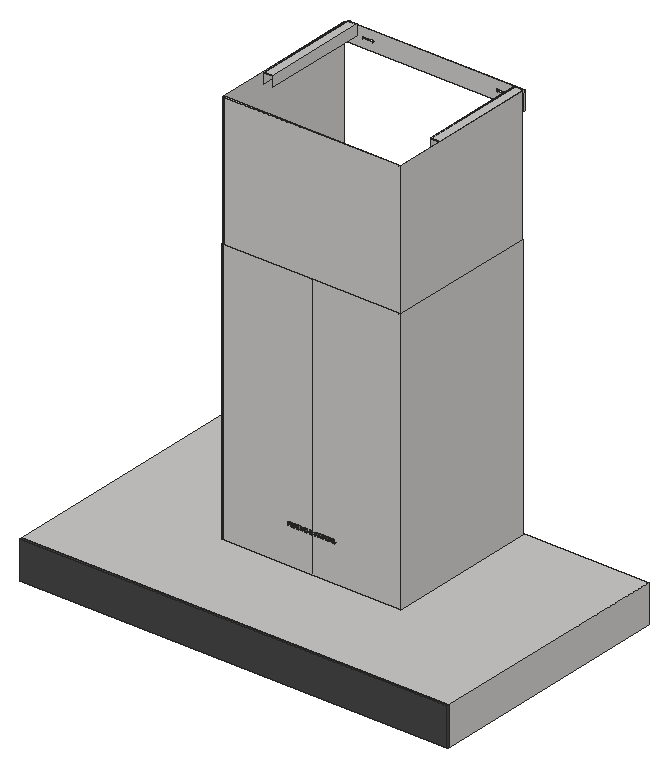
Revit family "FP_Revit_18_HC90BCX1_Rangehood_90001897A", category Specialty Equipment, Revit 2018
Family settings
  Round Connector Dimension = Use Diameter
  Part Type = Normal
  OmniClass Number = 23.40.40.00
  OmniClass Title = Food Service Equipment and Furnishings
  Work Plane-Based = No
  Always vertical = Yes
  Cut with Voids When Loaded = Yes
  Shared = No
  Room Calculation Point = No
Parameters
  Visibility - Upper Chimney Extension [instance] = yes
  URL = "www.fisherpaykel.com"
  Product - Width = 895 mm  # constant formula
  Product - Height (635mm - 935mm) [instance] = 912 mm
  Product - Depth = 531 mm  # constant formula
  Model = "HC90BCX1"
  Material - Glass = Fisher & Paykel - Black
  Material - Body = Fisher & Paykel - Stainless Steel
  Manufacturer = "Fisher & Paykel Appliances"
  FFL Offset [instance] = 1550 mm
  Description = "90cm Rangehood"
  Connector Description - Extraction = "180mm Semi Rigid Rangehood Ducting, 650Pa"
  Connector Description - Electrical = "220 V, 50 Hz,  222 W"
  Chassis - Width = 375 mm  # constant formula
  Chassis - Height = 635 mm  # constant formula
  Chassis - Depth = 327 mm  # constant formula
Reference planes
  plane 1 "Datum": y = 0
  plane 2: z = 0
  plane 3 "Center (Left/Right)": x = 0
  plane 4 "Product LHS": x = -447.5
  plane 5 "Product RHS": x = 447.5
  plane 6 "Cavity LHS": x = -187.5
  plane 7 "Cavity RHS": x = 187.5
  plane 8 "Chassis - Depth": y = -327
  plane 9 "FFL Offset": z = 1550
  plane 10 "Product - Height": z = 2462
  plane 11 "Product - Depth": y = -531
  plane 12 "Angle": through (4267.2, -188.091, 1657.974) normal (0, 0.9962, -0.0872)
  plane 13 "Angle": through (4267.2, -188.091, 907.974) normal (0, 0.9962, -0.0872)
Forms (mm)
  Extrusion 1, solid, material "Fisher & Paykel - Stainless Steel" <- "Material - Body"
    sketch origin (0, 0, 0) x (1, 0, 0) y (0, 1, 0)
      loop
        line (-167.5, -8) -> (-187.5, -8) -> (-187.5, -327) -> (0, -327) -> (187.5, -327) -> (187.5, -8) -> (167.5, -8) -> (167.5, -9) -> (186.5, -9) -> (186.5, -326) -> (-186.5, -326) -> (-186.5, -9) -> (-167.5, -9) -> (-167.5, -8)
    from 1630 to 2185
  Extrusion 2, solid, material "Fisher & Paykel - Stainless Steel" <- "Material - Body", visible <- "Visibility - Upper Chimney Extension"
    sketch origin (0, 0, 0) x (1, 0, 0) y (0, 1, 0)
      loop
        line (-185.5, -9) -> (-186.5, -9) -> (-186.5, -326) -> (186.5, -326) -> (186.5, -9) -> (185.5, -9) -> (185.5, -325.044) -> (-185.5, -325.044) -> (-185.5, -9)
    from 2103 to 2462
  Extrusion 3, solid, material "Fisher & Paykel - Stainless Steel" <- "Material - Body"
    sketch origin (0, 0, 0) x (1, 0, 0) y (0, 1, 0)
      loop
        line (185.5, -9) -> (-185.5, -9) -> (-185.5, -325.044) -> (185.5, -325.044) -> (185.5, -9)
    from 1630 to 2159
  Extrusion 4, solid, material "Fisher & Paykel - Stainless Steel" <- "Material - Body"
    sketch origin (0, 0, 0) x (1, 0, 0) y (0, 1, 0)
      loop
        circle (-76.343, -132.264) r 89
      loop
        circle (-76.343, -132.264) r 90
    from 2159 to 2185
  Extrusion 5, solid, material "Fisher & Paykel - Stainless Steel" <- "Material - Body", detail levels fine
    sketch origin (0, 0, 0) x (1, 0, 0) y (0, 0, 1)
      loop
        line (-185.5, 2462) -> (-185.5, 2422) -> (185.5, 2422) -> (185.5, 2462) -> (-185.5, 2462)
      loop
        line (150.65, 2444.45) -> (130.75, 2444.45)
        arc (130.75, 2444.45) -> (128.3, 2442) -> (130.75, 2439.55) r 2.45
        line (130.75, 2439.55) -> (150.65, 2439.55)
        arc (150.65, 2439.55) -> (153.1, 2442) -> (150.65, 2444.45) r 2.45
      loop
        arc (-150.65, 2444.45) -> (-153.1, 2442) -> (-150.65, 2439.55) r 2.45
        line (-150.65, 2439.55) -> (-130.75, 2439.55)
        arc (-130.75, 2439.55) -> (-128.3, 2442) -> (-130.75, 2444.45) r 2.45
        line (-130.75, 2444.45) -> (-150.65, 2444.45)
    from 1 to 0
  Extrusion 6, solid, material "Fisher & Paykel - Stainless Steel" <- "Material - Body"
    sketch origin (0, 0, 0) x (1, 0, 0) y (0, 1, 0)
      loop
        circle (8.657, -222.264) r 3
    from 2159 to 2185
  Extrusion 7, void
    sketch origin (0, 0, 0) x (0, 1, 0) y (0, 0, 1)
      loop
        line (-348.926, 1603.465) -> (-467.5, 1558) -> (-20.5, 1558) -> (-38.279, 1576.287) -> (-348.926, 1603.465)
    from -413 to 413
  Extrusion 8, solid, material "Fisher & Paykel - Stainless Steel" <- "Material - Body"
    sketch origin (0, 0, 0) x (0, 1, 0) y (0, 0, 1)
      loop
        line (-3, 1550) -> (-3, 1630) -> (-527, 1630) -> (-527, 1550) -> (-3, 1550)
    from -447.5 to 447.5
  Extrusion 9, solid, material "Fisher & Paykel - Black" <- "Material - Glass", detail levels medium+fine
    sketch origin (0, 0, 550) x (0, 1, 0) y (0, 0, 1)
      loop
        line (-527, 1080) -> (-531, 1080) -> (-531, 1000) -> (-527, 1000) -> (-527, 1080)
    from -447.5 to 447.5
  Extrusion 10, solid, material "Fisher & Paykel - Stainless Steel" <- "Material - Body", detail levels fine
    sketch origin (0, 0, 550) x (0, 1, 0) y (0, 0, 1)
      loop
        line (-47.131, 1027.061) -> (-71.928, 1029.231) -> (-71.928, 1016.855) -> (-48.3, 977) -> (-5, 977) -> (-5, 1000) -> (-21.8, 1000) -> (-47.131, 1027.061)
    from -206 to 206
  Extrusion 11, solid, material "Fisher & Paykel - Stainless Steel" <- "Material - Body", detail levels fine
    sketch origin (0, 0, 0) x (1, 0, 0) y (0, 0, 1)
      loop
        line (185.5, 2462) -> (165.5, 2462) -> (165.5, 2441) -> (166.5, 2441) -> (166.5, 2461) -> (184.5, 2461) -> (184.5, 2441) -> (185.5, 2441) -> (185.5, 2462)
      loop
        line (-185.5, 2462) -> (-185.5, 2441) -> (-184.5, 2441) -> (-184.5, 2461) -> (-166.5, 2461) -> (-166.5, 2441) -> (-165.5, 2441) -> (-165.5, 2462) -> (-185.5, 2462)
    from 1 to 221
  Extrusion 12, void
    sketch origin (0, 0, 0) x (1, 0, 0) y (0, 1, 0)
      loop
        arc (-381.3, -20.5) -> (-402.513, -29.287) -> (-411.3, -50.5) r 30
        line (-411.3, -50.5) -> (-411.3, -437.5)
        arc (-411.3, -437.5) -> (-402.513, -458.713) -> (-381.3, -467.5) r 30
        line (-381.3, -467.5) -> (382.3, -467.5)
        arc (382.3, -467.5) -> (402.806, -459.006) -> (411.3, -438.5) r 29
        line (411.3, -438.5) -> (411.3, -50.5)
        arc (411.3, -50.5) -> (402.513, -29.287) -> (381.3, -20.5) r 30
        line (381.3, -20.5) -> (-381.3, -20.5)
    from 1550 to 1558
  Extrusion 13, void
    sketch origin (0, 0, 0) x (0, 1, 0) y (0, 0, 1)
      loop
        line (-316.067, 1600.59) -> (-67.749, 1578.865) -> (-188.091, 1657.974) -> (-316.067, 1600.59)
    from -172 to 172
  Extrusion 14, solid, material "Fisher & Paykel - Stainless Steel" <- "Material - Body", detail levels fine
    sketch origin (0, 0, -15) x (1, 0, 0) y (0, 0, 1)
      loop
        circle (400, 1608.777) r 9.985
      loop
        circle (400, 1608.777) r 4.003
      loop
        circle (-400, 1608.777) r 9.985
      loop
        circle (-400, 1608.777) r 4.003
    from 0 to 3
  Extrusion 15, solid, material "Fisher & Paykel - Stainless Steel" <- "Material - Body", detail levels fine
    sketch origin (0, 0, 0) x (1, 0, 0) y (0, 0, 1)
      loop
        circle (162.5, 2135) r 5.95
      loop
        circle (162.5, 2135) r 2.486
      loop
        circle (112, 2135) r 5.949
      loop
        circle (112, 2135) r 2.5
      loop
        circle (-162.5, 2135) r 5.95
      loop
        circle (-162.5, 2135) r 2.486
      loop
        circle (-112, 2135) r 5.949
      loop
        circle (-112, 2135) r 2.5
    from 0 to 3.8
  Extrusion 16, solid, material "Fisher & Paykel - Stainless Steel" <- "Material - Body", detail levels fine
    sketch origin (0, 0, 0) x (1, 0, 0) y (0, 0, 1)
      loop
        line (185, 2153.577) -> (-185, 2153.577) -> (-185, 2114.423) -> (185, 2114.423) -> (185, 2153.577)
    from 3.8 to 8
  Extrusion 17, solid, material "Fisher & Paykel - Bezel White", detail levels fine
    sketch origin (0, 0, 550) x (0, 1, 0) y (0, 0, 1)
      loop
        line (-366.242, 1046.826) -> (-420.416, 1026.054) -> (-420.058, 1025.12) -> (-365.884, 1045.892) -> (-366.242, 1046.826)
    from -110 to 110
  Extrusion 18, solid, material "Fisher & Paykel - Stainless Steel" <- "Material - Body", detail levels fine
    sketch origin (0, -282.861, 574.747) x (0, 0.087156, 0.996195) y (1, 0, 0)
      loop
        line (1087.364, -172) -> (1087.364, -114.674) -> (1019.045, -172) -> (1087.364, -172)
      loop
        line (1087.364, 172) -> (1019.045, 172) -> (1087.364, 114.674) -> (1087.364, 172)
    from -125 to 125
  Extrusion 19, solid, material "Fisher & Paykel - Black" <- "Material - Glass", not visible, detail levels medium+fine
    sketch origin (0, 0, -200) x (0, 1, 0) y (0, 0, 1)
      loop
        line (-527, 1080) -> (-531, 1080) -> (-531, 1000) -> (-527, 1000) -> (-527, 1080)
    from -447.5 to 447.5
  Extrusion 20, solid, material "Fisher & Paykel - Stainless Steel" <- "Material - Body", not visible, detail levels fine
    sketch origin (0, 0, -200) x (0, 1, 0) y (0, 0, 1)
      loop
        line (-47.131, 1027.061) -> (-71.928, 1029.231) -> (-71.928, 1016.855) -> (-48.3, 977) -> (-5, 977) -> (-5, 1000) -> (-21.8, 1000) -> (-47.131, 1027.061)
    from -206 to 206
  Extrusion 21, solid, material "Fisher & Paykel - Stainless Steel" <- "Material - Body", not visible, detail levels fine
    sketch origin (0, 0, -765) x (1, 0, 0) y (0, 0, 1)
      loop
        circle (400, 1608.777) r 9.985
      loop
        circle (400, 1608.777) r 4.003
      loop
        circle (-400, 1608.777) r 9.985
      loop
        circle (-400, 1608.777) r 4.003
    from 0 to 3
  Extrusion 22, solid, material "Fisher & Paykel - Bezel White", not visible, detail levels fine
    sketch origin (0, 0, -200) x (0, 1, 0) y (0, 0, 1)
      loop
        line (-366.242, 1046.826) -> (-420.416, 1026.054) -> (-420.058, 1025.12) -> (-365.884, 1045.892) -> (-366.242, 1046.826)
    from -110 to 110
  Extrusion 23, solid, material "Fisher & Paykel - Stainless Steel" <- "Material - Body", not visible, detail levels fine
    sketch origin (0, -282.861, -175.253) x (0, 0.087156, 0.996195) y (1, 0, 0)
      loop
        line (1087.364, -172) -> (1087.364, -114.674) -> (1019.045, -172) -> (1087.364, -172)
      loop
        line (1087.364, 172) -> (1019.045, 172) -> (1087.364, 114.674) -> (1087.364, 172)
    from -125 to 125
Cuts and joins
  Extrusion 7 cuts Extrusion 1
  Extrusion 7, Extrusion 13 cuts Extrusion 3
  Extrusion 7, Extrusion 12, Extrusion 13 cuts Extrusion 8
  joined: Extrusion 3, Extrusion 8
Text (mm)
  text "Due to ongoing product development, product details are subject to change without notice. \nPlease always refer to www.fisherpaykel.com for the most current product information. \n© Fisher & Paykel 2020" at (41.04, -1225.549, 0), in view "Ref. Level (Plan)"
Dimensions and locks
  equal spacing: plane 4 "Product LHS", plane 3 "Center (Left/Right)", plane 5 "Product RHS"
  equal spacing: plane 6 "Cavity LHS", plane 3 "Center (Left/Right)", plane 7 "Cavity RHS"
  locked: Extrusion 1 sketch curve to Extrusion 1 sketch curve at 1  (x3)
  locked: Extrusion 3 to plane 9 "FFL Offset" at 609
  "Product - Height (635mm - 935mm)": plane 10 "Product - Height" to plane 9 "FFL Offset"
  "FFL Offset": plane 9 "FFL Offset" to level
  "Chassis - Height": cut or joined group of Extrusion 1, Extrusion 7 to plane 9 "FFL Offset"
  "Product - Width": plane 4 "Product LHS" to plane 5 "Product RHS"
  "Chassis - Depth": plane 8 "Chassis - Depth" to plane 1 "Datum"
  "Chassis - Width": plane 6 "Cavity LHS" to plane 7 "Cavity RHS"
  equal spacing: Extrusion 12 sketch curve, plane 3 "Center (Left/Right)", Extrusion 12 sketch curve
  locked: Extrusion 12 sketch curve to Extrusion 12 sketch curve at 822.6
  equal spacing: cut or joined group of Extrusion 3, Extrusion 7, Extrusion 8, Extrusion 12, Extrusion 13, plane 3 "Center (Left/Right)", cut or joined group of Extrusion 3, Extrusion 7, Extrusion 8, Extrusion 12, Extrusion 13
  locked: cut or joined group of Extrusion 3, Extrusion 7, Extrusion 8, Extrusion 12, Extrusion 13 to cut or joined group of Extrusion 3, Extrusion 7, Extrusion 8, Extrusion 12, Extrusion 13 at 826
  "Product - Depth": plane 11 "Product - Depth" to plane 1 "Datum"
  locked: Extrusion 2 to plane 10 "Product - Height" at 359
  locked: cut or joined group of Extrusion 3, Extrusion 7, Extrusion 8, Extrusion 12, Extrusion 13 to plane 1 "Datum" at 3
  equal spacing: Extrusion 11 sketch curve, plane 3 "Center (Left/Right)", Extrusion 11 sketch curve
  locked: Extrusion 5 to plane 10 "Product - Height" at 40
  locked: Extrusion 5 sketch curve to plane 10 "Product - Height" at 20
  locked: plane 9 "FFL Offset" to Extrusion 14 at 43.777
  locked: Extrusion 11 to plane 10 "Product - Height" at 21
  locked: plane 9 "FFL Offset" to Extrusion 16 at 564.423
  locked: plane 9 "FFL Offset" to Extrusion 16 at 603.577
  locked: plane 9 "FFL Offset" to Extrusion 15 sketch curve at 585
  locked: Extrusion 7 sketch curve to plane 1 "Datum" at 20.5
  locked: Extrusion 7 sketch curve to plane 1 "Datum" at 38.279
  locked: Extrusion 7 sketch curve to plane 1 "Datum" at 348.926
  locked: Extrusion 7 sketch curve to plane 1 "Datum" at 467.5
  locked: Extrusion 7 sketch curve to plane 9 "FFL Offset" at 8  (x2)
  locked: Extrusion 7 sketch curve to plane 9 "FFL Offset" at 53.465
  locked: Extrusion 7 sketch curve to plane 9 "FFL Offset" at 26.287
  locked: Extrusion 13 sketch curve to plane 9 "FFL Offset" at 50.59
  locked: Extrusion 13 sketch curve to plane 9 "FFL Offset" at 28.865
  locked: Extrusion 13 sketch curve to plane 9 "FFL Offset" at 107.974
  locked: Extrusion 13 sketch curve to plane 1 "Datum" at 67.749
  locked: Extrusion 13 sketch curve to plane 1 "Datum" at 316.067
  locked: cut or joined group of Extrusion 3, Extrusion 7, Extrusion 8, Extrusion 12, Extrusion 13 to plane 9 "FFL Offset" at 80
  equal spacing: Extrusion 18, plane 12 "Angle", Extrusion 18
  locked: Extrusion 18 to Extrusion 18 at 250
  locked: Extrusion 18 to cut or joined group of Extrusion 3, Extrusion 7, Extrusion 8, Extrusion 12, Extrusion 13 at 68.319
  locked: Extrusion 18 to plane 9 "FFL Offset" at 118.868
  locked: Extrusion 18 to plane 9 "FFL Offset" at 97.079
  locked: nested 1 to plane 9 "FFL Offset" at 156.109
  locked: plane 9 "FFL Offset" to Extrusion 10 at 23
  aligned and locked: level to plane 2
  aligned and locked: Extrusion 1 sketch curve to plane 6 "Cavity LHS"
  aligned and locked: plane 7 "Cavity RHS" to Extrusion 1 sketch curve
  aligned and locked: plane 8 "Chassis - Depth" to Extrusion 1 sketch curve
  aligned and locked: Extrusion 1 to Extrusion 3
  aligned and locked: plane 4 "Product LHS" to Extrusion 8
  aligned and locked: Extrusion 8 to plane 5 "Product RHS"
  aligned and locked: plane 4 "Product LHS" to Extrusion 9
  aligned and locked: Extrusion 9 to plane 5 "Product RHS"
  aligned and locked: Extrusion 2 to plane 10 "Product - Height"
  aligned and locked: Extrusion 6 to Extrusion 4  (x2)
  aligned and locked: Extrusion 9 to plane 9 "FFL Offset"
  aligned and locked: Extrusion 12 to plane 9 "FFL Offset"
  aligned and locked: Extrusion 5 to plane 1 "Datum"
  aligned and locked: Extrusion 6 to cut or joined group of Extrusion 3, Extrusion 7, Extrusion 8, Extrusion 12, Extrusion 13
  aligned and locked: Extrusion 4 to cut or joined group of Extrusion 3, Extrusion 7, Extrusion 8, Extrusion 12, Extrusion 13
  aligned and locked: cut or joined group of Extrusion 1, Extrusion 7 to cut or joined group of Extrusion 1, Extrusion 7
  aligned and locked: Extrusion 14 to plane 1 "Datum"
  aligned and locked: Extrusion 14 to cut or joined group of Extrusion 3, Extrusion 7, Extrusion 8, Extrusion 12, Extrusion 13
  aligned and locked: Extrusion 15 to plane 1 "Datum"
  aligned and locked: Extrusion 5 to plane 10 "Product - Height"
  aligned and locked: cut or joined group of Extrusion 3, Extrusion 7, Extrusion 8, Extrusion 12, Extrusion 13 to Extrusion 2  (x3)
  aligned and locked: cut or joined group of Extrusion 3, Extrusion 7, Extrusion 8, Extrusion 12, Extrusion 13 to cut or joined group of Extrusion 1, Extrusion 7
  aligned and locked: Extrusion 11 sketch curve to plane 10 "Product - Height"
  aligned and locked: plane 10 "Product - Height" to Extrusion 11 sketch curve
  aligned and locked: Extrusion 11 to Extrusion 5
  aligned and locked: cut or joined group of Extrusion 1, Extrusion 7 to Extrusion 4
  aligned and locked: Extrusion 7 to cut or joined group of Extrusion 3, Extrusion 7, Extrusion 8, Extrusion 12, Extrusion 13
  aligned and locked: Extrusion 12 to Extrusion 7
  aligned and locked: Extrusion 8 to Extrusion 12
  aligned and locked: plane 9 "FFL Offset" to Extrusion 10
  aligned and locked: cut or joined group of Extrusion 1, Extrusion 7 to Extrusion 9
  aligned and locked: Extrusion 9 to cut or joined group of Extrusion 3, Extrusion 7, Extrusion 8, Extrusion 12, Extrusion 13
  aligned and locked: Extrusion 16 to cut or joined group of Extrusion 1, Extrusion 7
  aligned and locked: Extrusion 16 to Extrusion 15
  aligned and locked: Extrusion 1 to cut or joined group of Extrusion 3, Extrusion 7, Extrusion 8, Extrusion 12, Extrusion 13
  aligned and locked: Extrusion 18 sketch curve to Extrusion 18 sketch curve
  aligned and locked: cut or joined group of Extrusion 3, Extrusion 7, Extrusion 8, Extrusion 12, Extrusion 13 to Extrusion 18
  aligned and locked: Extrusion 23 sketch curve to Extrusion 23 sketch curve
Automatic sketch dimensions
  Extrusion 2 sketch curve to plane 6 "Cavity LHS" = 1 mm
  Extrusion 2 sketch curve to Extrusion 2 sketch curve = 1 mm
  plane 7 "Cavity RHS" to Extrusion 2 sketch curve = 2 mm
  plane 7 "Cavity RHS" to Extrusion 2 sketch curve = 1 mm
  plane 8 "Chassis - Depth" to Extrusion 2 sketch curve = 1 mm
  Extrusion 2 sketch curve to Extrusion 2 sketch curve = 0.956 mm
  plane 1 "Datum" to Extrusion 2 sketch curve = 9 mm  (x2)
  Extrusion 3 sketch curve to plane 6 "Cavity LHS" = 2 mm
  plane 7 "Cavity RHS" to Extrusion 3 sketch curve = 2 mm
  plane 8 "Chassis - Depth" to Extrusion 3 sketch curve = 1.956 mm
  plane 1 "Datum" to Extrusion 3 sketch curve = 9 mm
  plane 3 "Center (Left/Right)" to Extrusion 6 sketch curve = 8.657 mm
  plane 8 "Chassis - Depth" to Extrusion 6 sketch curve = 104.736 mm
  Extrusion 12 sketch curve to Extrusion 12 sketch curve = 30 mm  (x3)
  plane 5 "Product RHS" to Extrusion 12 sketch curve = 65.2 mm
  plane 11 "Product - Depth" to Extrusion 12 sketch curve = 63.5 mm
  plane 1 "Datum" to Extrusion 12 sketch curve = 50.5 mm
  Extrusion 4 sketch curve to Extrusion 4 sketch curve = 0 mm  (x2)
  Extrusion 4 sketch curve to plane 3 "Center (Left/Right)" = 76.343 mm
  plane 1 "Datum" to Extrusion 4 sketch curve = 132.264 mm
  Extrusion 1 sketch curve to plane 3 "Center (Left/Right)" = 0 mm
  Extrusion 1 sketch curve to Extrusion 1 sketch curve = 19 mm  (x2)
  plane 1 "Datum" to Extrusion 1 sketch curve = 8 mm
  plane 1 "Datum" to Extrusion 1 sketch curve = 9 mm
  Extrusion 1 sketch curve to Extrusion 1 sketch curve = 1 mm  (x2)
  Extrusion 8 sketch curve to plane 9 "FFL Offset" = 0 mm
  plane 1 "Datum" to Extrusion 8 sketch curve = 3 mm
  plane 11 "Product - Depth" to Extrusion 8 sketch curve = 4 mm
  Extrusion 8 sketch curve to Extrusion 8 sketch curve = 80 mm
  Extrusion 9 sketch curve to Extrusion 9 sketch curve = 4 mm
  Extrusion 9 sketch curve to Extrusion 9 sketch curve = 80 mm
  Extrusion 10 sketch curve to Extrusion 10 sketch curve = 23.628 mm
  Extrusion 10 sketch curve to Extrusion 10 sketch curve = 24.796 mm
  Extrusion 10 sketch curve to Extrusion 10 sketch curve = 12.376 mm
  Extrusion 10 sketch curve to Extrusion 10 sketch curve = 2.169 mm
  Extrusion 14 sketch curve to Extrusion 14 sketch curve = 0 mm  (x9)
  Extrusion 14 sketch curve to Extrusion 14 sketch curve = 800 mm
  Extrusion 15 sketch curve to Extrusion 15 sketch curve = 0 mm  (x11)
  Extrusion 15 sketch curve to plane 6 "Cavity LHS" = 25 mm
  Extrusion 15 sketch curve to Extrusion 15 sketch curve = 50.5 mm
  plane 7 "Cavity RHS" to Extrusion 15 sketch curve = 75.5 mm
  plane 7 "Cavity RHS" to Extrusion 15 sketch curve = 25 mm
  Extrusion 5 sketch curve to plane 6 "Cavity LHS" = 2 mm
  Extrusion 5 sketch curve to plane 6 "Cavity LHS" = 36.85 mm
  Extrusion 5 sketch curve to Extrusion 5 sketch curve = 19.9 mm  (x2)
  plane 10 "Product - Height" to Extrusion 5 sketch curve = 22.45 mm  (x2)
  plane 7 "Cavity RHS" to Extrusion 5 sketch curve = 56.75 mm
  plane 7 "Cavity RHS" to Extrusion 5 sketch curve = 2 mm
  Extrusion 5 sketch curve to Extrusion 5 sketch curve = 17.55 mm
  Extrusion 5 sketch curve to Extrusion 5 sketch curve = 2.45 mm
  Extrusion 5 sketch curve to plane 10 "Product - Height" = 0 mm
  Extrusion 11 sketch curve to plane 6 "Cavity LHS" = 2 mm
  Extrusion 11 sketch curve to Extrusion 11 sketch curve = 1 mm  (x4)
  Extrusion 11 sketch curve to Extrusion 11 sketch curve = 18 mm
  plane 10 "Product - Height" to Extrusion 11 sketch curve = 1 mm  (x2)
  plane 7 "Cavity RHS" to Extrusion 11 sketch curve = 3 mm
  Extrusion 11 sketch curve to Extrusion 11 sketch curve = 20 mm  (x2)
  Extrusion 11 sketch curve to Extrusion 11 sketch curve = 0 mm  (x2)
  Extrusion 16 sketch curve to plane 6 "Cavity LHS" = 2.5 mm
  plane 7 "Cavity RHS" to Extrusion 16 sketch curve = 2.5 mm
  plane 10 "Product - Height" to Extrusion 16 sketch curve = 347.577 mm
  Extrusion 16 sketch curve to Extrusion 16 sketch curve = 39.154 mm
  Extrusion 10 sketch curve to Extrusion 10 sketch curve = 26.5 mm
  Extrusion 10 sketch curve to Extrusion 10 sketch curve = 16.8 mm
  Extrusion 10 sketch curve to Extrusion 10 sketch curve = 23 mm
  Extrusion 10 sketch curve to Extrusion 10 sketch curve = 39.855 mm
  Extrusion 13 sketch curve to Extrusion 13 sketch curve = 120.342 mm
  Extrusion 17 sketch curve to Extrusion 17 sketch curve = 0.358 mm
  Extrusion 18 sketch curve to Extrusion 18 sketch curve = 0 mm
  Extrusion 18 sketch curve to Extrusion 18 sketch curve = 68.319 mm
  Extrusion 18 sketch curve to Extrusion 18 sketch curve = 57.326 mm  (x2)
  Extrusion 9 sketch curve to plane 12 "Angle" = 339.166 mm
  plane 12 "Angle" to Extrusion 10 sketch curve = 122.585 mm
  Extrusion 17 sketch curve to plane 12 "Angle" = 224.3 mm
  Extrusion 17 sketch curve to Extrusion 17 sketch curve = 54.173 mm
  Extrusion 17 sketch curve to Extrusion 17 sketch curve = 0.934 mm
  Extrusion 18 sketch curve to Extrusion 18 sketch curve = 229.347 mm
  Extrusion 19 sketch curve to Extrusion 19 sketch curve = 4 mm
  Extrusion 19 sketch curve to Extrusion 19 sketch curve = 80 mm
  Extrusion 20 sketch curve to Extrusion 20 sketch curve = 23.628 mm
  Extrusion 20 sketch curve to Extrusion 20 sketch curve = 24.796 mm
  Extrusion 20 sketch curve to Extrusion 20 sketch curve = 12.376 mm
  Extrusion 20 sketch curve to Extrusion 20 sketch curve = 2.169 mm
  Extrusion 21 sketch curve to Extrusion 21 sketch curve = 0 mm  (x9)
  Extrusion 21 sketch curve to Extrusion 21 sketch curve = 800 mm
  Extrusion 20 sketch curve to Extrusion 20 sketch curve = 26.5 mm
  Extrusion 20 sketch curve to Extrusion 20 sketch curve = 16.8 mm
  Extrusion 20 sketch curve to Extrusion 20 sketch curve = 23 mm
  Extrusion 20 sketch curve to Extrusion 20 sketch curve = 39.855 mm
  Extrusion 22 sketch curve to Extrusion 22 sketch curve = 0.358 mm
  Extrusion 23 sketch curve to Extrusion 23 sketch curve = 0 mm
  Extrusion 23 sketch curve to Extrusion 23 sketch curve = 68.319 mm
  Extrusion 23 sketch curve to Extrusion 23 sketch curve = 57.326 mm  (x2)
  Extrusion 19 sketch curve to plane 13 "Angle" = 339.166 mm
  plane 13 "Angle" to Extrusion 20 sketch curve = 122.585 mm
  Extrusion 22 sketch curve to plane 13 "Angle" = 224.3 mm
  Extrusion 22 sketch curve to Extrusion 22 sketch curve = 54.173 mm
  Extrusion 22 sketch curve to Extrusion 22 sketch curve = 0.934 mm
  Extrusion 23 sketch curve to Extrusion 23 sketch curve = 229.347 mm
  radius of Extrusion 6 sketch curve = 3 mm
  radius of Extrusion 4 sketch curve = 89 mm
  radius of Extrusion 4 sketch curve = 90 mm
  radius of Extrusion 14 sketch curve = 9.985 mm  (x2)
  radius of Extrusion 14 sketch curve = 4.003 mm  (x2)
  radius of Extrusion 15 sketch curve = 5.95 mm  (x2)
  radius of Extrusion 15 sketch curve = 2.486 mm  (x2)
  radius of Extrusion 15 sketch curve = 5.949 mm  (x2)
  radius of Extrusion 15 sketch curve = 2.5 mm  (x2)
  radius of Extrusion 21 sketch curve = 9.985 mm  (x2)
  radius of Extrusion 21 sketch curve = 4.003 mm  (x2)
Nested families
  nested 1: "F&P Logo 100mm" at (0.236, -327, 1706.109), type "Grey"
Connectors
  hvac at (-76.343, -132.264, 2185), driven by "Connector Description - Extraction"
    settings: on Extrusion 4, index 1, duct flow 0.0 L/s, flow factor 0, pres drop 0.0 Pa, loss coef 0, conn angle 0.00°, conn width 304.8 mm, conn height 304.8 mm, conn diameter 180 mm, duct sys type 3, conn prof type 0, flow config 0, flow direction 2, loss method 0, conn ref index -1, conn util no, is conn primary yes, conn desc "180mm Semi Rigid Rangehood Ducting, 650Pa"
  electrical at (8.657, -222.264, 2185), driven by "Connector Description - Electrical"
    settings: on Extrusion 6, index 2, voltage 220 V, apparent load 0 VA, apparent load phase1 0 VA, apparent load phase2 0 VA, apparent load phase3 0 VA, power factor 1, load classification "Other", number of poles 1, system type 30, power factor state 1, is connector primary yes, connector utility no, sub classification motor no, connector description "220 V, 50 Hz,  222 W"
Definition of nested family "F&P Logo 100mm"
  Parameters (values of type "Chrome")
    URL = "www.fisherpaykel.com"
    Material - Logo = none
    Manufacturer = "Fisher & Paykel Appliances"
  Types (3): name
    (no name)
    Chrome
    Grey
  Reference planes
    plane 1 "Center (Front/Back)": y = 0
    plane 2: z = 0
    plane 3 "Center (Left/Right)": x = 0
  Forms (mm)
    Extrusion 1, solid, material <- "Material - Logo", detail levels fine
      sketch origin (0, 0, 0) x (1, 0, 0) y (0, 0, 1)
        loop
          line (-50.044, 0) -> (-48.47, 0) -> (-48.47, 2.138) -> (-46.011, 2.138) -> (-46.011, 3.472) -> (-48.47, 3.472) -> (-48.47, 4.712) -> (-45.795, 4.712) -> (-45.795, 6.04) -> (-50.044, 6.04) -> (-50.044, 0)
        loop
          line (-42.804, 6.04) -> (-42.804, 0) -> (-41.23, 0) -> (-41.23, 6.04) -> (-42.804, 6.04)
        loop
          line (-30.724, 6.04) -> (-30.724, 0) -> (-29.151, 0) -> (-29.151, 2.42) -> (-26.839, 2.42) -> (-26.839, 0) -> (-25.265, 0) -> (-25.265, 6.04) -> (-26.839, 6.04) -> (-26.839, 3.748) -> (-29.151, 3.748) -> (-29.151, 6.04) -> (-30.724, 6.04)
        loop
          line (-21.906, 6.04) -> (-21.906, 0) -> (-17.602, 0) -> (-17.602, 1.328) -> (-20.347, 1.328) -> (-20.347, 2.42) -> (-17.838, 2.42) -> (-17.838, 3.748) -> (-20.347, 3.748) -> (-20.347, 4.712) -> (-17.602, 4.712) -> (-17.602, 6.04) -> (-21.906, 6.04)
        loop
          line (45.667, 6.04) -> (45.667, 0) -> (49.956, 0) -> (49.956, 1.328) -> (47.241, 1.328) -> (47.241, 6.04) -> (45.667, 6.04)
        loop
          line (42.431, 6.04) -> (38.112, 6.04) -> (38.112, 0) -> (42.431, 0) -> (42.431, 1.328) -> (39.687, 1.328) -> (39.687, 2.42) -> (42.195, 2.42) -> (42.195, 3.748) -> (39.687, 3.748) -> (39.687, 4.712) -> (42.431, 4.712) -> (42.431, 6.04)
        loop
          line (33.451, 3.148) -> (35.683, 6.04) -> (33.844, 6.04) -> (31.915, 3.542) -> (31.915, 6.04) -> (30.342, 6.04) -> (30.342, 0) -> (31.915, 0) -> (31.915, 2.705) -> (33.903, 0) -> (35.763, 0) -> (33.451, 3.148)
        loop
          line (21.98, 6.04) -> (24.262, 2.42) -> (24.262, 0) -> (25.837, 0) -> (25.837, 2.341) -> (28.119, 6.04) -> (26.446, 6.04) -> (25.099, 3.707) -> (23.753, 6.04) -> (21.98, 6.04)
        loop
          line (18.479, 6.04) -> (16.983, 6.04) -> (14.524, 0) -> (16.069, 0) -> (16.501, 1.112) -> (18.921, 1.112) -> (19.354, 0) -> (20.938, 0) -> (18.479, 6.04)
        loop
          line (18.4, 2.439) -> (17.693, 4.174) -> (17.018, 2.439) -> (18.4, 2.439)
        loop
          line (8.031, 6.04) -> (8.031, 0) -> (9.605, 0) -> (9.605, 1.938) -> (10.599, 1.938)
          arc (10.599, 1.938) -> (12.65, 3.989) -> (10.599, 6.04) r 2.051
          line (10.599, 6.04) -> (8.031, 6.04)
        loop
          line (9.605, 4.712) -> (9.605, 3.197) -> (10.501, 3.197)
          arc (10.501, 3.197) -> (11.259, 3.954) -> (10.501, 4.712) r 0.757
          line (10.501, 4.712) -> (9.605, 4.712)
        loop
          line (-11.783, 6.04) -> (-14.366, 6.04) -> (-14.366, 0) -> (-12.792, 0) -> (-12.792, 1.336) -> (-11.992, 1.336) -> (-10.972, 0) -> (-9.153, 0) -> (-10.694, 1.973)
          arc (-10.694, 1.973) -> (-9.678, 4.424) -> (-11.783, 6.04) r 2.179
        loop
          line (-11.897, 4.712) -> (-12.792, 4.712) -> (-12.792, 3.053) -> (-11.897, 3.053)
          arc (-11.897, 3.053) -> (-11.068, 3.882) -> (-11.897, 4.712) r 0.83
        loop
          line (0.477, 4.712) -> (0.477, 6.153) -> (-3.575, 6.153) -> (-3.575, 4.851) -> (-2.974, 4.112)
          arc (-2.974, 4.112) -> (-3.51, 0.684) -> (-0.045, 0.512) r 2.334
          line (-0.045, 0.512) -> (0.46, -0.109) -> (2.246, -0.109) -> (0.86, 1.594) -> (2.061, 3.324) -> (0.443, 3.324) -> (-0.013, 2.667) -> (-1.677, 4.712) -> (0.477, 4.712)
        loop
          arc (-2.125, 3.068) -> (-2.269, 1.668) -> (-0.868, 1.524) r 0.996
          line (-0.868, 1.524) -> (-2.125, 3.068)
        loop
          line (-35.18, 3.634) -> (-36.516, 3.91)
          arc (-36.516, 3.91) -> (-37.049, 4.443) -> (-36.516, 4.976) r 0.533
          arc (-36.516, 4.976) -> (-35.235, 4.79) -> (-34.059, 4.248) r 4.505
          line (-34.059, 4.248) -> (-34.059, 5.743)
          arc (-34.059, 5.743) -> (-35.549, 6.179) -> (-37.1, 6.109) r 4.726
          arc (-37.1, 6.109) -> (-38.536, 4.335) -> (-37.1, 2.561) r 1.814
          line (-37.1, 2.561) -> (-35.754, 2.282)
          arc (-35.754, 2.282) -> (-35.221, 1.749) -> (-35.754, 1.216) r 0.533
          arc (-35.754, 1.216) -> (-37.035, 1.402) -> (-38.211, 1.945) r 4.505
          line (-38.211, 1.945) -> (-38.211, 0.449)
          arc (-38.211, 0.449) -> (-36.72, 0.013) -> (-35.169, 0.083) r 4.726
          arc (-35.169, 0.083) -> (-33.734, 1.863) -> (-35.18, 3.634) r 1.814
      from 0 to 0.8
  Dimensions and locks
    aligned and locked: level to plane 2
